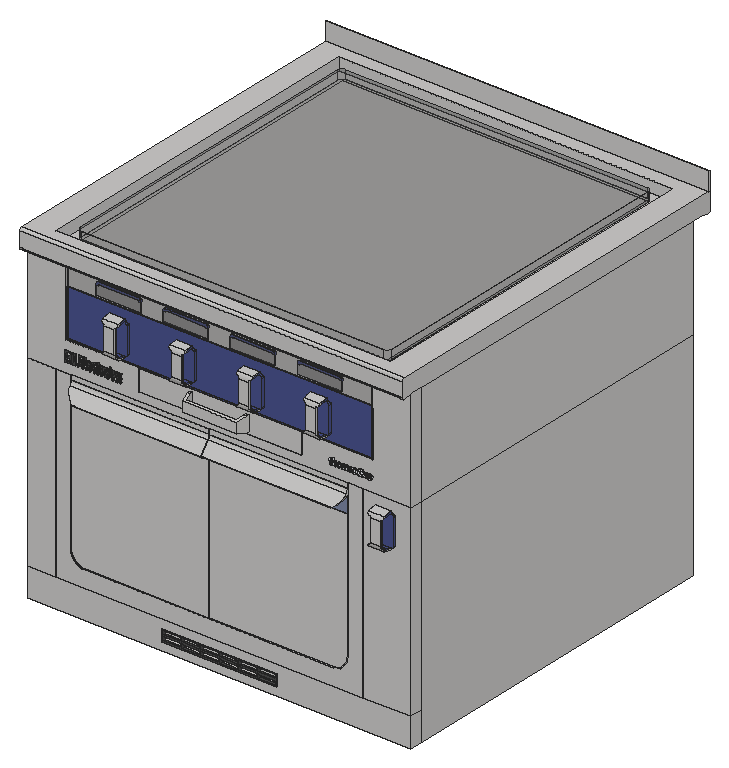
Revit family "QF_ELECTROLUXPROFESSIONAL_588470_MATHEBH4AO", category Attrezzature speciali, Revit 2020
Family settings
  Quota connettore circolare = Usa diametro
  Tipo di parte = Normale
  Basato su piano di lavoro = No
  Sempre verticale = Sì
  Taglio con vuoti quando caricato = No
  Condiviso = No
  Punto di calcolo locali = No
Parameters (values of type "Standard")
  Weight = 143.00 kg
  Watts = 14300 W
  Volts = 400 V
  URL Manufacturer = "https://www.electroluxprofessional.com/"
  URL = "https://www.electroluxprofessional.com/"
  Steam Supply Size = 0"
  Steam Supply Minimum Pressure = 0.00 psi
  Steam Supply Maximum Pressure = 0.00 psi
  Steam Consumption per Hour = 0
  Refrigeration Suction Line Size = 0 mm
  Refrigeration Liquid Line Size = 0 mm
  Refrigerant Compressor Remote = yes
  Prospetto di default = 0 mm
  Phase = 3
  Modello = "MATHEBH4AO"
  Produttore = "Electrolux Professional"
  Length Actual = 800 mm  # constant formula
  Item Number = "588470"
  Hot Water Size = 0"
  Height Actual = 700 mm  # constant formula
  HP = "19.2 HP"
  Gas Size = 0"
  Gas KW = 0
  Gas Input Pressure = 0.0 Btu/h
  Direct Waste Size = 0"
  Descrizione = "EL.FREE COOK.WARM.CAB.1S,BS,800X800X700H"
  Depth Actual = 800 mm  # constant formula
  Cycle = 50 Hz
  Condensate Return Size = 0"
  Compressed Air Volume = 0 GPM
  Compressed Air Size = 0"
  Compressed Air Pressure = 0.00 psi
  Cold Water Size = 0"
  Accessory = yes
Reference planes
  plane 1 "BACK": y = 0
  plane 2: z = 0
  plane 3 "LEFT": x = 0
  plane 4 "RIGHT": x = 800
  plane 5 "FRONT": y = -800
  plane 6 "TOP": z = 900
  plane 7 "Center (Left/Right)": x = 400
  plane 8: y = -400
  plane 9: z = 200
  plane 10: y = -150
  plane 11 "Panel": y = -755
  plane 12: z = 798
  plane 13: z = 1327
  plane 14: x = 78
  plane 15: x = 722
  plane 16: y = -150
  plane 17: y = -650
  plane 18 "EIx": x = 755
  plane 19 "EIy": y = -585
  plane 20: x = 380
  plane 21 "BASE_TOP": z = 650
  plane 22: x = 60
  plane 23: x = 700
  plane 24: z = 260
  plane 25: z = 938
Forms (mm)
  Extrusion 1, solid, material "QF_Finishes_Stainless Steel"
    sketch origin (-178.969, -4571, 200) x (-1, 0, 0) y (0, -1, 0)
      loop
        line (-178.969, -4526) -> (-178.969, -3816) -> (-978.969, -3816) -> (-978.969, -4526) -> (-178.969, -4526)
    from 450 to 663
  Extrusion 2, solid, material "QF_Finishes_Stainless Steel"
    sketch origin (0, 0, 0) x (0, 1, 0) y (0, 0, 1)
      loop
        line (-755, 200) -> (-755, 260) -> (-780, 260) -> (-780, 200) -> (-755, 200)
    from 0 to 800
  Extrusion 3, solid, material "QF_Finishes_Stainless Steel"
    sketch origin (-588.969, -4562, 200) x (-1, 0, 0) y (0, -1, 0)
      loop
        circle (-1343.969, -3977) r 6.35
    from 0 to -11.851
  Extrusion 4, solid, material "QF_Finishes_Stainless Steel"
    sketch origin (400, 296.4, 1219.2) x (0, 1, 0) y (0, 0, 1)
      loop
        line (-296.4, -319.2) -> (-1091.4, -319.2)
        arc (-1091.4, -319.2) -> (-1094.935, -320.664) -> (-1096.4, -324.2) r 5
        line (-1096.4, -324.2) -> (-1096.4, -355.2)
        arc (-1096.4, -355.2) -> (-1094.971, -358.264) -> (-1091.705, -359.139) r 4
        line (-1091.705, -359.139) -> (-1076.4, -356.231) -> (-316.4, -356.231) -> (-301.094, -359.139)
        arc (-301.094, -359.139) -> (-297.829, -358.264) -> (-296.4, -355.2) r 4
        line (-296.4, -355.2) -> (-296.4, -319.2)
    from -400 to 400
  Extrusion 5, solid, material "QF_Finishes_Electrolux_Black Smoke Iluminated"
    sketch origin (0, 0, 900) x (-1, 0, 0) y (0, -1, 0)
      loop
        arc (-85, 55) -> (-77.929, 57.929) -> (-75, 65) r 10
        line (-75, 65) -> (-75, 735)
        arc (-75, 735) -> (-77.929, 742.071) -> (-85, 745) r 10
        line (-85, 745) -> (-715, 745)
        arc (-715, 745) -> (-722.071, 742.071) -> (-725, 735) r 10
        line (-725, 735) -> (-725, 65)
        arc (-725, 65) -> (-722.071, 57.929) -> (-715, 55) r 10
        line (-715, 55) -> (-85, 55)
    from 0 to -20
  Extrusion 6, solid, material "QF_Finishes_Stainless Steel"
    sketch origin (-178.969, -4571, 200) x (-1, 0, 0) y (0, -1, 0)
      loop
        line (-178.969, -4526) -> (-178.969, -3816) -> (-978.969, -3816) -> (-978.969, -4526) -> (-178.969, -4526)
    from 450 to 0
  Extrusion 7, void
    sketch origin (0, -755, 0) x (-1, 0, 0) y (0, 0, 1)
      loop
        line (-520, 216.594) -> (-280, 216.594) -> (-280, 241.594) -> (-520, 241.594) -> (-520, 216.594)
    from 0 to -25
  Extrusion 8, solid, material "QF_Finishes_Black"
    sketch origin (0, -755, 0) x (-1, 0, 0) y (0, 0, 1)
      loop
        line (-280, 241.594) -> (-520, 241.594) -> (-520, 216.594) -> (-280, 216.594) -> (-280, 241.594)
      loop
        line (-282, 239.594) -> (-319.131, 239.594) -> (-319.131, 230.094) -> (-282, 230.094) -> (-282, 239.594)
      loop
        line (-282, 218.594) -> (-282, 228.094) -> (-319.131, 228.094) -> (-319.131, 218.594) -> (-282, 218.594)
      loop
        line (-321.131, 239.594) -> (-359.066, 239.594) -> (-359.066, 230.094) -> (-321.131, 230.094) -> (-321.131, 239.594)
      loop
        line (-399, 239.594) -> (-399, 230.094) -> (-361.066, 230.094) -> (-361.066, 239.594) -> (-399, 239.594)
      loop
        line (-401, 239.594) -> (-438.934, 239.594) -> (-438.934, 230.094) -> (-401, 230.094) -> (-401, 239.594)
      loop
        line (-359.066, 218.594) -> (-321.131, 218.594) -> (-321.131, 228.094) -> (-359.066, 228.094) -> (-359.066, 218.594)
      loop
        line (-361.066, 218.594) -> (-361.066, 228.094) -> (-399, 228.094) -> (-399, 218.594) -> (-361.066, 218.594)
      loop
        line (-401, 228.094) -> (-438.934, 228.094) -> (-438.934, 218.594) -> (-401, 218.594) -> (-401, 228.094)
      loop
        line (-518, 239.594) -> (-518, 230.094) -> (-480.869, 230.094) -> (-480.869, 239.594) -> (-518, 239.594)
      loop
        line (-518, 218.594) -> (-480.869, 218.594) -> (-480.869, 228.094) -> (-518, 228.094) -> (-518, 218.594)
      loop
        line (-478.869, 239.594) -> (-478.869, 230.094) -> (-440.934, 230.094) -> (-440.934, 239.594) -> (-478.869, 239.594)
      loop
        line (-440.934, 218.594) -> (-440.934, 228.094) -> (-478.869, 228.094) -> (-478.869, 218.594) -> (-440.934, 218.594)
    from -25.03 to -20
  Extrusion 9, void
    sketch origin (0, 0, 900) x (-1, 0, 0) y (0, -1, 0)
      loop
        line (-50, 770) -> (-750, 770) -> (-750, 30) -> (-50, 30) -> (-50, 770)
    from 0 to -25
  Extrusion 10, solid, material "QF_Finishes_Stainless Steel"
    sketch origin (0, 0, 900) x (-1, 0, 0) y (0, -1, 0)
      loop
        line (-82, 61) -> (-82, 738) -> (-718, 738) -> (-718, 61) -> (-82, 61)
    from -20 to -25
  Extrusion 11, solid, material "QF_Finishes_Stainless Steel"
    sketch origin (0, -755, 0) x (-1, 0, 0) y (0, 0, 1)
      loop
        line (0, 260) -> (0, 650) -> (-60, 650) -> (-60, 260) -> (0, 260)
    from 0 to -25.03
  Extrusion 12, solid, material "QF_Finishes_Stainless Steel"
    sketch origin (0, -755, 0) x (-1, 0, 0) y (0, 0, 1)
      loop
        line (-700, 260) -> (-700, 650) -> (-800, 650) -> (-800, 260) -> (-700, 260)
    from 0 to -25.03
  Extrusion 13, solid, material "QF_Finishes_Stainless Steel"
    sketch origin (70, -755, 0) x (-1, 0, 0) y (0, 0, 1)
      loop
        line (10, 260) -> (10, 650) -> (-20, 650) -> (-20, 325)
        arc (-20, 325) -> (-28.787, 303.787) -> (-50, 295) r 30
        line (-50, 295) -> (-570, 295)
        arc (-570, 295) -> (-591.213, 303.787) -> (-600, 325) r 30
        line (-600, 325) -> (-600, 650) -> (-630, 650) -> (-630, 260) -> (10, 260)
    from 0 to -25.03
  Extrusion 14, solid, material "QF_Finishes_Stainless Steel"
    sketch origin (400, 296.4, 1219.2) x (0, 1, 0) y (0, 0, 1)
      loop
        line (-296.4, -319.2) -> (-296.4, -281.2) -> (-298.4, -281.2) -> (-298.4, -319.2) -> (-296.4, -319.2)
    from -400 to 400
Cuts and joins
  Extrusion 7 cuts Extrusion 6
  Extrusion 7 cuts Extrusion 2
  Extrusion 9 cuts Extrusion 4
Lines and regions (mm)
  symbolic lines
    curve 1: line (0, 0, 200) -> (800, 0, 200)
    curve 2: line (0, -800, 200) -> (0, 0, 200)
    curve 3: line (800, -800, 200) -> (0, -800, 200)
    curve 4: line (800, 0, 200) -> (800, -800, 200)
    curve 5: line (715, -55, 200) -> (88, -55, 200)
    curve 6: line (85, -745, 200) -> (715, -745, 200)
    curve 7: line (725, -735, 200) -> (725, -65, 200)
    curve 8: arc (725, -65, 200) -> (722.071, -57.929, 200) -> (715, -55, 200) r 10
    curve 9: arc (715, -745, 200) -> (722.071, -742.071, 200) -> (725, -735, 200) r 10
    curve 10: line (750, -30, 900) -> (50, -30, 900)
    curve 11: line (50, -30, 900) -> (50, -770, 900)
    curve 12: line (750, -770, 900) -> (750, -30, 900)
    curve 13: line (50, -770, 900) -> (750, -770, 900)
    curve 15: arc (85, -55, 900) -> (77.929, -57.929, 900) -> (75, -65, 900) r 10
    curve 16: arc (75, -735, 900) -> (77.929, -742.071, 900) -> (85, -745, 900) r 10
    curve 17: line (0, -2, 900) -> (800, -2, 900)
  model lines, style "SpecialityEquipment"
    curve 14: line (75, -65, 900) -> (75, -735, 900)
Dimensions and locks
  plane 3 "LEFT" to plane 4 "RIGHT" = 800 mm
  plane 5 "FRONT" to plane 1 "BACK" = 800 mm
  equal spacing: plane 3 "LEFT", plane 7 "Center (Left/Right)", plane 4 "RIGHT"
  equal spacing: plane 5 "FRONT", plane 8, plane 1 "BACK"
  plane 9 to level = 200 mm
  plane 1 "BACK" to plane 10 to plane 11 "Panel" = 150 mm, 605 mm  (x2)
  plane 6 "TOP" to plane 9 to level = 700 mm, 200 mm
  plane 6 "TOP" to level = 900 mm
  plane 1 "BACK" to plane 5 "FRONT" = 800 mm
  plane 1 "BACK" to Extrusion 3 = 585 mm
  plane 12 to plane 9 = 598 mm
  plane 13 to plane 6 "TOP" = 427 mm
  plane 6 "TOP" to plane 12 = 102 mm
  plane 14 to plane 3 "LEFT" = 78 mm
  plane 15 to plane 4 "RIGHT" = 78 mm
  locked: plane 1 "BACK" to plane 16 at 150
  locked: plane 16 to plane 17 at 500
  plane 11 "Panel" to plane 5 "FRONT" = 45 mm
  plane 18 "EIx" to plane 4 "RIGHT" = 45 mm
  plane 19 "EIy" to plane 1 "BACK" = 585 mm
  plane 7 "Center (Left/Right)" to plane 20 = 20 mm
  locked: plane 22 to plane 3 "LEFT" at 60
  plane 23 to plane 4 "RIGHT" = 100 mm
  plane 6 "TOP" to plane 21 "BASE_TOP" to plane 9 to level = 250 mm, 450 mm, 200 mm
  plane 25 to plane 6 "TOP" = 38 mm
  aligned and locked: level to plane 2
  aligned and locked: Extrusion 2 to plane 4 "RIGHT"
  aligned and locked: Extrusion 12 to plane 4 "RIGHT"
  aligned and locked: Extrusion 12 to plane 23
  aligned and locked: plane 21 "BASE_TOP" to Extrusion 12
  aligned and locked: Extrusion 12 to plane 24
  aligned and locked: Extrusion 11 to plane 3 "LEFT"
  aligned and locked: plane 22 to Extrusion 11
  aligned and locked: Extrusion 11 to plane 24
  aligned and locked: Extrusion 13 sketch curve to plane 22
  aligned and locked: Extrusion 13 sketch curve to plane 23
  aligned and locked: Extrusion 13 sketch curve to plane 21 "BASE_TOP"
  aligned and locked: plane 24 to cut or joined group of Extrusion 2, Extrusion 7
  aligned and locked: Extrusion 14 to plane 3 "LEFT"
  aligned and locked: Extrusion 14 to plane 4 "RIGHT"
Automatic sketch dimensions
  Extrusion 1 sketch curve to plane 4 "RIGHT" = 0 mm
  Extrusion 1 sketch curve to plane 3 "LEFT" = 0 mm
  plane 11 "Panel" to Extrusion 1 sketch curve = 0 mm
  plane 1 "BACK" to Extrusion 1 sketch curve = 45 mm
  Extrusion 2 sketch curve to plane 9 = 0 mm
  Extrusion 2 sketch curve to plane 11 "Panel" = 0 mm
  plane 24 to Extrusion 2 sketch curve = 0 mm
  Extrusion 2 sketch curve to plane 5 "FRONT" = 20 mm
  Extrusion 3 sketch curve to plane 18 "EIx" = 0 mm
  Extrusion 3 sketch curve to plane 19 "EIy" = 0 mm
  Extrusion 4 sketch curve to plane 5 "FRONT" = 0 mm
  Extrusion 4 sketch curve to plane 6 "TOP" = 0 mm
  Extrusion 4 sketch curve to plane 1 "BACK" = 0 mm
  Extrusion 4 sketch curve to plane 5 "FRONT" = 4 mm
  Extrusion 4 sketch curve to Extrusion 4 sketch curve = 0.695 mm
  Extrusion 4 sketch curve to plane 5 "FRONT" = 5 mm
  Extrusion 4 sketch curve to Extrusion 4 sketch curve = 15.305 mm
  plane 1 "BACK" to Extrusion 4 sketch curve = 20 mm
  plane 1 "BACK" to Extrusion 4 sketch curve = 4.695 mm
  Extrusion 4 sketch curve to Extrusion 4 sketch curve = 4 mm
  Extrusion 4 sketch curve to Extrusion 4 sketch curve = 31 mm
  Extrusion 4 sketch curve to plane 6 "TOP" = 36 mm
  Extrusion 4 sketch curve to Extrusion 4 sketch curve = 2.909 mm
  Extrusion 5 sketch curve to plane 15 = 3 mm
  plane 14 to Extrusion 5 sketch curve = 3 mm
  plane 15 to Extrusion 5 sketch curve = 7 mm  (x2)
  Extrusion 5 sketch curve to Extrusion 5 sketch curve = 10 mm  (x2)
  plane 10 to Extrusion 5 sketch curve = 95 mm
  plane 17 to Extrusion 5 sketch curve = 85 mm
  Extrusion 6 sketch curve to plane 4 "RIGHT" = 0 mm
  Extrusion 6 sketch curve to plane 3 "LEFT" = 0 mm
  plane 11 "Panel" to Extrusion 6 sketch curve = 0 mm
  plane 1 "BACK" to Extrusion 6 sketch curve = 45 mm
  plane 9 to Extrusion 7 sketch curve = 41.594 mm
  plane 7 "Center (Left/Right)" to Extrusion 7 sketch curve = 120 mm
  Extrusion 7 sketch curve to plane 20 = 100 mm
  plane 9 to Extrusion 7 sketch curve = 16.594 mm
  plane 9 to Extrusion 8 sketch curve = 41.594 mm
  plane 7 "Center (Left/Right)" to Extrusion 8 sketch curve = 120 mm
  Extrusion 8 sketch curve to Extrusion 8 sketch curve = 2 mm  (x16)
  Extrusion 8 sketch curve to Extrusion 8 sketch curve = 0 mm  (x15)
  Extrusion 8 sketch curve to Extrusion 8 sketch curve = 37.131 mm  (x2)
  Extrusion 8 sketch curve to Extrusion 8 sketch curve = 37.934 mm  (x2)
  plane 7 "Center (Left/Right)" to Extrusion 8 sketch curve = 1 mm  (x2)
  Extrusion 8 sketch curve to plane 7 "Center (Left/Right)" = 1 mm  (x2)
  Extrusion 8 sketch curve to plane 20 = 18.934 mm
  plane 9 to Extrusion 8 sketch curve = 18.594 mm  (x4)
  Extrusion 8 sketch curve to Extrusion 8 sketch curve = 9.5 mm  (x6)
  plane 18 "EIx" to Extrusion 9 sketch curve = 5 mm
  Extrusion 9 sketch curve to plane 22 = 10 mm
  plane 10 to Extrusion 9 sketch curve = 120 mm
  Extrusion 9 sketch curve to plane 11 "Panel" = 15 mm
  plane 15 to Extrusion 10 sketch curve = 4 mm
  Extrusion 10 sketch curve to plane 14 = 4 mm
  plane 10 to Extrusion 10 sketch curve = 89 mm
  plane 17 to Extrusion 10 sketch curve = 88 mm
  Extrusion 11 sketch curve to plane 22 = 0 mm
  Extrusion 11 sketch curve to plane 3 "LEFT" = 0 mm
  Extrusion 11 sketch curve to plane 24 = 0 mm
  Extrusion 11 sketch curve to plane 21 "BASE_TOP" = 0 mm
  plane 4 "RIGHT" to Extrusion 12 sketch curve = 0 mm
  Extrusion 12 sketch curve to plane 21 "BASE_TOP" = 0 mm
  Extrusion 12 sketch curve to plane 23 = 0 mm
  Extrusion 12 sketch curve to plane 24 = 0 mm
  Extrusion 13 sketch curve to plane 21 "BASE_TOP" = 0 mm
  Extrusion 13 sketch curve to plane 24 = 0 mm
  Extrusion 13 sketch curve to plane 23 = 30 mm
  Extrusion 13 sketch curve to Extrusion 13 sketch curve = 30 mm
  Extrusion 13 sketch curve to plane 14 = 42 mm
  Extrusion 13 sketch curve to plane 14 = 12 mm
  plane 24 to Extrusion 13 sketch curve = 35 mm
  plane 1 "BACK" to curve 1 = 0 mm
  curve 1 to plane 4 "RIGHT" = 0 mm
  curve 2 to plane 3 "LEFT" = 0 mm
  plane 5 "FRONT" to curve 2 = 0 mm
  curve 7 to plane 15 = 3 mm
  plane 15 to curve 8 = 7 mm
  plane 15 to curve 6 = 7 mm
  plane 1 "BACK" to curve 5 = 55 mm
  plane 11 "Panel" to curve 9 = 20 mm
  curve 5 to plane 14 = 10 mm
  curve 6 to plane 14 = 7 mm
  plane 18 "EIx" to curve 13 = 5 mm
  curve 15 to plane 14 = 7 mm
  curve 16 to plane 14 = 7 mm
  plane 14 to curve 14 = 3 mm
  curve 11 to plane 22 = 10 mm
  plane 1 "BACK" to curve 14 = 65 mm
  plane 1 "BACK" to curve 10 = 30 mm
  plane 11 "Panel" to curve 14 = 20 mm
  curve 12 to plane 11 "Panel" = 15 mm
  Extrusion 14 sketch curve to plane 6 "TOP" = 0 mm
  Extrusion 14 sketch curve to plane 25 = 0 mm
  Extrusion 14 sketch curve to plane 1 "BACK" = 0 mm
  Extrusion 14 sketch curve to Extrusion 14 sketch curve = 2 mm
  curve 17 to plane 4 "RIGHT" = 0 mm
  curve 17 to plane 3 "LEFT" = 0 mm
  plane 1 "BACK" to curve 17 = 2 mm
  radius of Extrusion 3 sketch curve = 6.35 mm
Nested families
  nested 1: "FIT Range Control Handle" at (745, -783.167, -372.751), type "FIT Range Control Handle"
  nested 2: "Front_Panel_W800_Four Knobs" at (202.376, -755, 0), type "Front_Panel_W800_Four Knobs"
  nested 3: "H450H2_2DOOR" at (343.958, -755, 200) x (1, 0, 0) z (0, -1, 0), type "H450H2_2DOOR"
    with Width 580 mm, Wdoor 290 mm, Show Clearance yes
  nested 4: "Warm" at (800, -800, 900), type "Warm"
Connectors
  electrical at (755, -585, 188.149)
    settings: on Extrusion 3, index 1, voltage 400 V, apparent load 33000 VA, apparent load phase1 0 VA, apparent load phase2 0 VA, apparent load phase3 0 VA, power factor 1, load classification "Other", number of poles 1, system type 30, power factor state 1, is connector primary yes, connector utility no, sub classification motor no, connector description "ELECTRICAL CONNECTION"
Definition of nested family "FIT Range Control Handle"
  Parameters
    Default Elevation = 0 mm
  Reference planes
    plane 1 "Center (Front/Back)": y = 0
    plane 2: z = 0
    plane 3 "Center (Left/Right)": x = 0
    plane 4: z = 971.092
    plane 5: y = -16.8
  Forms (mm)
    Extrusion 1, solid
      sketch origin (-746.28, 380.497, 208.931) x (-1, 0, 0) y (0, 0, 1)
        loop
          line (-770.101, 786.798) -> (-770.101, 731.649)
          arc (-770.101, 731.649) -> (-769.759, 730.563) -> (-768.855, 729.87) r 1.893
          line (-768.855, 729.87) -> (-763.474, 727.911) -> (-729.81, 727.911) -> (-724.428, 729.87)
          arc (-724.428, 729.87) -> (-723.525, 730.563) -> (-723.183, 731.649) r 1.893
          line (-723.183, 731.649) -> (-723.183, 786.798)
          arc (-723.183, 786.798) -> (-723.529, 787.894) -> (-724.44, 788.593) r 1.91
          line (-724.44, 788.593) -> (-729.683, 790.819) -> (-763.601, 790.819) -> (-768.844, 788.593)
          arc (-768.844, 788.593) -> (-769.755, 787.894) -> (-770.101, 786.798) r 1.91
      from -382.35 to -378.852
    Sweep 2, solid
      path origin (-746.788, 380.496, 208.091) x (0, -1, 0) y (0, 0, 1)
        loop
          line (379.775, 793.281) -> (395.661, 791.048)
          arc (395.661, 791.048) -> (397.781, 787.377) -> (398.517, 783.202) r 12.207
          line (398.517, 783.202) -> (398.517, 737.368)
          arc (398.517, 737.368) -> (397.781, 733.193) -> (395.661, 729.522) r 12.207
          line (395.661, 729.522) -> (379.775, 727.289)
      profile origin (-746.788, -7.222, 1000.256) x (0, -0.139173, 0.990268) y (-1, 0, 0)
        loop
          line (0.782, -763.123) -> (0.782, -730.907) -> (-1.322, -730.907) -> (-1.322, -763.123) -> (0.782, -763.123)
    Sweep 3, solid
      path origin (-746.788, 380.715, 207.832) x (0, -1, 0) y (0, 0, 1)
        loop
          line (380.478, 795.442) -> (397.218, 793.09)
          arc (397.218, 793.09) -> (399.929, 788.473) -> (400.871, 783.202) r 15.207
          line (400.871, 783.202) -> (400.871, 737.584)
          arc (400.871, 737.584) -> (399.914, 732.274) -> (397.164, 727.633) r 15.207
          line (397.164, 727.633) -> (380.601, 725.305)
      profile origin (-746.788, -8.132, 1002.099) x (0, -0.139173, 0.990268) y (-1, 0, 0)
        loop
          line (0.782, -763.123) -> (0.782, -730.907) -> (-1.322, -730.907) -> (-1.322, -763.123) -> (0.782, -763.123)
    Extrusion 4, void
      sketch origin (889.253, 220.666, 207.993) x (1, 0, 0) y (0, 0, 1)
        loop
          line (-943.038, 816.854) -> (-943.038, 703.686) -> (-899.466, 734.196) -> (-899.466, 786.344) -> (-943.038, 816.854)
      from 230.636 to 242.25
    Extrusion 5, void
      sketch origin (-888.8, 220.666, 207.993) x (-1, 0, 0) y (0, 0, -1)
        loop
          line (-943.038, -816.854) -> (-899.466, -786.344) -> (-899.466, -734.196) -> (-943.038, -703.686) -> (-943.038, -816.854)
      from 230.636 to 242.25
    Extrusion 6, solid
      sketch origin (0, 0, 0) x (1, 0, 0) y (0, 0, 1)
        loop
          circle (0, 971.092) r 7.736
      from -3.137 to -1.645
  Cuts and joins
    Extrusion 4, Extrusion 5 cuts Sweep 3
    Extrusion 4, Extrusion 5 cuts Sweep 2
    joined: Extrusion 1, Extrusion 6
  Lines and regions (mm)
    symbolic lines
      curve 1: line (-15.881, -19.189, 0) -> (-15.881, -16.8, 0)
      curve 2: line (16.334, -19.189, 0) -> (16.334, -16.8, 0)
      curve 3: spline (-15.881, -19.189, 0) -> (-15.417, -19.349, 0) -> (-14.951, -19.501, 0) -> (-14.483, -19.646, 0) -> (-14.014, -19.783, 0) -> (-13.543, -19.912, 0) -> (-13.071, -20.033, 0) -> (-12.597, -20.146, 0) -> (-12.122, -20.251, 0) -> (-11.646, -20.349, 0) -> (-11.169, -20.438, 0) -> (-10.691, -20.52, 0) -> (-10.213, -20.593, 0)
      curve 4: spline (10.666, -20.593, 0) -> (11.144, -20.52, 0) -> (11.622, -20.438, 0) -> (12.099, -20.349, 0) -> (12.575, -20.251, 0) -> (13.05, -20.146, 0) -> (13.524, -20.033, 0) -> (13.996, -19.912, 0) -> (14.467, -19.783, 0) -> (14.936, -19.646, 0) -> (15.404, -19.501, 0) -> (15.87, -19.349, 0) -> (16.334, -19.189, 0)
      curve 5: line (-10.213, -20.938, 0) -> (10.716, -20.938, 0)
  Dimensions and locks
    cut or joined group of Sweep 3, Extrusion 4, Extrusion 5 to cut or joined group of Sweep 3, Extrusion 4, Extrusion 5 = 71.686 mm
Definition of nested family "Front_Panel_W800_Four Knobs"
  Parameters
    Default Elevation = 0 mm
  Reference planes
    plane 1 "Center (Front/Back)": y = 0
    plane 2: z = 0
    plane 3 "Center (Left/Right)": x = 197.624
    plane 4 "Left": x = -202.376
    plane 5 "Right": x = 597.624
    plane 6: y = -45
    plane 7: x = -12.376
    plane 8: x = 127.624
    plane 9: y = -310
    plane 10: y = -25
    plane 11: x = 517.624
    plane 12: x = -122.376
  Forms (mm)
    Extrusion 1, solid
      sketch origin (833.217, 829.203, -1.25) x (0, 1, 0) y (0, 0, 1)
        loop
          line (-854.203, 651.25) -> (-829.203, 651.25) -> (-829.203, 864.25) -> (-854.203, 864.25) -> (-854.203, 651.25)
      from -1035.593 to -235.593
    Extrusion 2, void
      sketch origin (0, 0, 0) x (1, 0, 0) y (0, 0, 1)
        loop
          line (-122.376, 853.866) -> (-122.376, 711.866) -> (517.624, 711.866) -> (517.624, 853.866) -> (-122.376, 853.866)
      from 19.387 to 33.951
    Extrusion 3, void
      sketch origin (0, 0, 0) x (1, 0, 0) y (0, 0, 1)
        loop
          line (30.124, 711.866) -> (30.124, 666.866) -> (370.124, 666.866) -> (370.124, 711.866) -> (30.124, 711.866)
      from 19.387 to 25
    Extrusion 4, solid
      sketch origin (0, 0, 0) x (1, 0, 0) y (0, 0, 1)
        loop
          line (31.124, 710.866) -> (31.124, 667.866) -> (369.124, 667.866) -> (369.124, 710.866) -> (31.124, 710.866)
      from 19.387 to 25
    Extrusion 5, solid
      sketch origin (0, 0, 0) x (1, 0, 0) y (0, 1, 0)
        loop
          line (141.059, -25) -> (135.966, -25) -> (140.646, -49.075) -> (254.603, -49.075) -> (259.283, -25) -> (254.189, -25) -> (250.481, -44.075) -> (144.767, -44.075) -> (141.059, -25)
      from 672.593 to 705.67
    Extrusion 6, void
      sketch origin (197.624, 0, 0) x (0, 1, 0) y (0, 0, 1)
        loop
          line (-30, 705.67) -> (-30, 710.67) -> (-56.744, 710.67) -> (-56.744, 667.593) -> (-30, 667.593) -> (-30, 672.593) -> (-53.776, 680.318) -> (-53.776, 697.945) -> (-30, 705.67)
      from -70 to 70
    Extrusion 7, solid, detail levels coarse
      sketch origin (0, -265, 0) x (1, 0, 0) y (0, 1, 0)
        loop
          line (140.646, -69.075) -> (254.603, -69.075) -> (259.283, -45) -> (364.124, -45) -> (364.124, 240) -> (31.124, 240) -> (31.124, -45) -> (135.966, -45) -> (140.646, -69.075)
      from 672.593 to 705.67
    Extrusion 8, void
      sketch origin (197.624, -280, 0) x (0, 1, 0) y (0, 0, 1)
        loop
          line (-30, 705.67) -> (-30, 710.67) -> (-56.744, 710.67) -> (-56.744, 667.593) -> (-30, 667.593) -> (-30, 672.593) -> (-53.776, 680.318) -> (-53.776, 697.945) -> (-30, 705.67)
      from -70 to 70
  Cuts and joins
    Extrusion 2, Extrusion 3 cuts Extrusion 1
    Extrusion 6, Extrusion 8 cuts Extrusion 5
    Extrusion 8 cuts Extrusion 7
  Lines and regions (mm)
    symbolic lines
      curve 1: line (31.124, -45, 0) -> (31.124, -310, 0)
      curve 2: line (31.124, -310, 0) -> (364.124, -310, 0)
      curve 3: line (135.966, -310, 0) -> (140.646, -334.075, 0)
      curve 4: line (140.646, -334.075, 0) -> (254.603, -334.075, 0)
      curve 5: line (254.603, -334.075, 0) -> (259.283, -310, 0)
      curve 6: line (364.124, -310, 0) -> (364.124, -45, 0)
      curve 7: line (31.124, -300, 0) -> (364.124, -300, 0)
      curve 8: line (140.874, -309.046, 0) -> (144.767, -329.075, 0)
      curve 9: line (144.767, -329.075, 0) -> (250.481, -329.075, 0)
      curve 10: line (250.481, -329.075, 0) -> (254.375, -309.046, 0)
  Dimensions and locks
    equal spacing: plane 5 "Right", plane 3 "Center (Left/Right)", plane 4 "Left"
    plane 5 "Right" to plane 4 "Left" = 800 mm
    plane 3 "Center (Left/Right)" to plane 7 = 210 mm
    plane 3 "Center (Left/Right)" to plane 8 = 70 mm
    plane 6 to plane 9 = 265 mm
    aligned and locked: cut or joined group of Extrusion 1, Extrusion 2, Extrusion 3 to plane 4 "Left"
    aligned and locked: plane 5 "Right" to cut or joined group of Extrusion 1, Extrusion 2, Extrusion 3
    aligned and locked: plane 3 "Center (Left/Right)" to nested 2
    aligned and locked: cut or joined group of Extrusion 1, Extrusion 2, Extrusion 3 to nested 2
  Automatic sketch dimensions
    plane 7 to Extrusion 3 sketch curve = 42.5 mm
    plane 3 "Center (Left/Right)" to Extrusion 3 sketch curve = 172.5 mm
    level to Extrusion 3 sketch curve = 666.866 mm
    Extrusion 3 sketch curve to Extrusion 3 sketch curve = 45 mm
    plane 7 to Extrusion 4 sketch curve = 43.5 mm
    plane 3 "Center (Left/Right)" to Extrusion 4 sketch curve = 171.5 mm
    level to Extrusion 4 sketch curve = 667.866 mm
    Extrusion 4 sketch curve to Extrusion 4 sketch curve = 43 mm
    plane 8 to Extrusion 5 sketch curve = 8.342 mm
    plane 6 to Extrusion 5 sketch curve = 4.075 mm
    plane 8 to Extrusion 5 sketch curve = 13.021 mm
    Extrusion 5 sketch curve to Extrusion 5 sketch curve = 5.094 mm  (x2)
    Extrusion 5 sketch curve to plane 6 = 0.925 mm
    Extrusion 5 sketch curve to Extrusion 5 sketch curve = 4.122 mm  (x2)
    plane 3 "Center (Left/Right)" to Extrusion 5 sketch curve = 52.857 mm
    Extrusion 5 sketch curve to plane 6 = 20 mm  (x2)
    Extrusion 5 sketch curve to Extrusion 5 sketch curve = 3.708 mm
    plane 6 to Extrusion 6 sketch curve = 11.744 mm
    plane 6 to Extrusion 6 sketch curve = 8.776 mm
    Extrusion 6 sketch curve to plane 6 = 15 mm  (x2)
    level to Extrusion 6 sketch curve = 667.593 mm
    Extrusion 6 sketch curve to Extrusion 6 sketch curve = 5 mm
    Extrusion 6 sketch curve to Extrusion 6 sketch curve = 12.725 mm  (x2)
    Extrusion 6 sketch curve to Extrusion 6 sketch curve = 17.627 mm
    Extrusion 6 sketch curve to Extrusion 6 sketch curve = 7.725 mm
    Extrusion 8 sketch curve to plane 9 = 26.744 mm
    Extrusion 8 sketch curve to plane 9 = 23.776 mm
    plane 9 to Extrusion 8 sketch curve = 0 mm  (x2)
    level to Extrusion 8 sketch curve = 667.593 mm
    Extrusion 8 sketch curve to Extrusion 8 sketch curve = 5 mm
    Extrusion 8 sketch curve to Extrusion 8 sketch curve = 12.725 mm  (x2)
    Extrusion 8 sketch curve to Extrusion 8 sketch curve = 17.627 mm
    Extrusion 8 sketch curve to Extrusion 8 sketch curve = 7.725 mm
    plane 9 to Extrusion 7 sketch curve = 0 mm  (x2)
    plane 7 to Extrusion 7 sketch curve = 43.5 mm
    plane 8 to Extrusion 7 sketch curve = 8.342 mm
    Extrusion 7 sketch curve to plane 9 = 24.075 mm
    plane 8 to Extrusion 7 sketch curve = 13.021 mm
    Extrusion 7 sketch curve to Extrusion 7 sketch curve = 104.842 mm
    Extrusion 7 sketch curve to plane 6 = 20 mm
    plane 3 "Center (Left/Right)" to Extrusion 7 sketch curve = 56.979 mm
    Extrusion 7 sketch curve to Extrusion 7 sketch curve = 4.68 mm
    Extrusion 1 sketch curve to plane 1 "Center (Front/Back)" = 0 mm
    level to Extrusion 1 sketch curve = 650 mm
    plane 4 "Left" to Extrusion 2 sketch curve = 80 mm
    Extrusion 2 sketch curve to plane 5 "Right" = 80 mm
    level to Extrusion 2 sketch curve = 711.866 mm
    Extrusion 2 sketch curve to Extrusion 2 sketch curve = 142 mm
    plane 6 to curve 1 = 0 mm
    plane 6 to curve 6 = 0 mm
    plane 9 to curve 1 = 0 mm
    plane 7 to curve 1 = 43.5 mm
    curve 4 to plane 9 = 24.075 mm
    plane 8 to curve 4 = 13.021 mm
    curve 3 to curve 8 = 4.122 mm
    plane 3 "Center (Left/Right)" to curve 4 = 56.979 mm
    curve 4 to curve 2 = 109.521 mm
    plane 8 to curve 3 = 8.342 mm
    curve 3 to curve 8 = 4.908 mm
    curve 9 to curve 4 = 4.122 mm
    curve 10 to plane 9 = 19.075 mm
    curve 9 to curve 5 = 8.801 mm
    plane 9 to curve 10 = 0.954 mm
    curve 10 to curve 5 = 4.908 mm
    curve 3 to curve 8 = 0.954 mm
    curve 1 to curve 7 = 10 mm
    Extrusion 1 sketch curve to plane 6 = 20 mm
    Extrusion 1 sketch curve to Extrusion 1 sketch curve = 213 mm
  Nested families
    nested 1: "Range Control Handle" at (-12.376, -28.137, -209.113) x (-1, 0, 0) z (0, 0, 1), type "Range Control Handle"
    nested 2: "Front glass control panel W800" at (197.624, 280.644, 2.752), type "Front glass control panel W800"
    nested 3: "Range Control Handle" at (127.624, -28.137, -209.113) x (-1, 0, 0) z (0, 0, 1), type "Range Control Handle"
    nested 4: "Range Control Handle" at (407.624, -28.137, -209.113), type "Range Control Handle"
    nested 5: "Range Control Handle" at (267.624, -28.137, -209.113), type "Range Control Handle"
    nested 6: "ELX_ThermaLine_Small" at (468.838, -25, 679.426) x (1, 0, 0) z (0, -1, 0), type "ELX_ThermaLine_Small"
      with Show Logo yes, Material_Logo none
    nested 7: "ELX_Professional_Logo_Small" at (-62.89, -25, 681.659) x (1, 0, 0) z (0, -1, 0), type "ELX_Professional_Logo_Small"
      with Show Logo yes, Material_Logo none
  Definition of nested family "Range Control Handle"
    Parameters
      Default Elevation = 0 mm
    Reference planes
      plane 1 "Center (Front/Back)": y = 0
      plane 2: z = 0
      plane 3 "Center (Left/Right)": x = 0
      plane 4: z = 971.092
      plane 5: y = -16.9
    Forms (mm)
      Extrusion 1, solid
        sketch origin (-746.28, 380.497, 208.931) x (-1, 0, 0) y (0, 0, 1)
          loop
            line (-770.101, 786.798) -> (-770.101, 731.649)
            arc (-770.101, 731.649) -> (-769.759, 730.563) -> (-768.855, 729.87) r 1.893
            line (-768.855, 729.87) -> (-763.474, 727.911) -> (-729.81, 727.911) -> (-724.428, 729.87)
            arc (-724.428, 729.87) -> (-723.525, 730.563) -> (-723.183, 731.649) r 1.893
            line (-723.183, 731.649) -> (-723.183, 786.798)
            arc (-723.183, 786.798) -> (-723.529, 787.894) -> (-724.44, 788.593) r 1.91
            line (-724.44, 788.593) -> (-729.683, 790.819) -> (-763.601, 790.819) -> (-768.844, 788.593)
            arc (-768.844, 788.593) -> (-769.755, 787.894) -> (-770.101, 786.798) r 1.91
        from -382.35 to -378.852
      Sweep 2, solid
        path origin (-746.788, 380.496, 208.091) x (0, -1, 0) y (0, 0, 1)
          loop
            line (379.775, 793.281) -> (395.661, 791.048)
            arc (395.661, 791.048) -> (397.781, 787.377) -> (398.517, 783.202) r 12.207
            line (398.517, 783.202) -> (398.517, 737.368)
            arc (398.517, 737.368) -> (397.781, 733.193) -> (395.661, 729.522) r 12.207
            line (395.661, 729.522) -> (379.775, 727.289)
        profile origin (-746.788, -7.222, 1000.256) x (0, -0.139173, 0.990268) y (-1, 0, 0)
          loop
            line (0.782, -763.123) -> (0.782, -730.907) -> (-1.322, -730.907) -> (-1.322, -763.123) -> (0.782, -763.123)
      Sweep 3, solid
        path origin (-746.788, 380.715, 207.832) x (0, -1, 0) y (0, 0, 1)
          loop
            line (380.478, 795.442) -> (397.218, 793.09)
            arc (397.218, 793.09) -> (399.929, 788.473) -> (400.871, 783.202) r 15.207
            line (400.871, 783.202) -> (400.871, 737.584)
            arc (400.871, 737.584) -> (399.914, 732.274) -> (397.164, 727.633) r 15.207
            line (397.164, 727.633) -> (380.601, 725.305)
        profile origin (-746.788, -8.132, 1002.099) x (0, -0.139173, 0.990268) y (-1, 0, 0)
          loop
            line (0.782, -763.123) -> (0.782, -730.907) -> (-1.322, -730.907) -> (-1.322, -763.123) -> (0.782, -763.123)
      Extrusion 4, void
        sketch origin (889.253, 220.666, 207.993) x (1, 0, 0) y (0, 0, 1)
          loop
            line (-943.038, 816.854) -> (-943.038, 703.686) -> (-899.466, 734.196) -> (-899.466, 786.344) -> (-943.038, 816.854)
        from 230.636 to 242.25
      Extrusion 5, void
        sketch origin (-888.8, 220.666, 207.993) x (-1, 0, 0) y (0, 0, -1)
          loop
            line (-943.038, -816.854) -> (-899.466, -786.344) -> (-899.466, -734.196) -> (-943.038, -703.686) -> (-943.038, -816.854)
        from 230.636 to 242.25
      Extrusion 6, solid
        sketch origin (0, 0, 0) x (1, 0, 0) y (0, 0, 1)
          loop
            circle (0, 971.092) r 7.736
        from -3.137 to -1.645
    Cuts and joins
      Extrusion 4, Extrusion 5 cuts Sweep 3
      Extrusion 4, Extrusion 5 cuts Sweep 2
      joined: Extrusion 1, Extrusion 6
    Lines and regions (mm)
      symbolic lines
        curve 1: line (16.334, -16.9, 0) -> (16.334, -19.227, 0)
        curve 2: spline (16.334, -19.227, 0) -> (15.87, -19.385, 0) -> (15.404, -19.536, 0) -> (14.936, -19.678, 0) -> (14.466, -19.813, 0) -> (13.995, -19.94, 0) -> (13.523, -20.059, 0) -> (13.049, -20.171, 0) -> (12.575, -20.274, 0) -> (12.099, -20.37, 0) -> (11.622, -20.458, 0) -> (11.144, -20.537, 0) -> (10.666, -20.609, 0)
        curve 3: line (10.666, -16.9, 0) -> (10.666, -20.938, 0)
        curve 4: line (-10.213, -20.938, 0) -> (10.666, -20.938, 0)
        curve 5: line (-10.213, -20.938, 0) -> (-10.213, -16.9, 0)
        curve 6: spline (-10.213, -20.609, 0) -> (-10.691, -20.537, 0) -> (-11.169, -20.458, 0) -> (-11.646, -20.37, 0) -> (-12.122, -20.274, 0) -> (-12.597, -20.171, 0) -> (-13.07, -20.059, 0) -> (-13.542, -19.94, 0) -> (-14.013, -19.813, 0) -> (-14.483, -19.678, 0) -> (-14.951, -19.536, 0) -> (-15.417, -19.385, 0) -> (-15.881, -19.227, 0)
        curve 7: line (-15.881, -19.227, 0) -> (-15.881, -16.9, 0)
  Definition of nested family "Front glass control panel W800"
    Parameters
      Default Elevation = 0 mm
    Reference planes
      plane 1 "Center (Front/Back)": y = 0
      plane 2: z = 0
      plane 3 "Center (Left/Right)": x = 0
    Forms (mm)
      Extrusion 1, solid
        sketch origin (378.286, 0, 0.617) x (1, 0, 0) y (0, 0, 1)
          loop
            line (-698.286, 806.791) -> (-698.286, 708.497) -> (-58.286, 708.497) -> (-58.286, 806.791) -> (-698.286, 806.791)
        from 300.031 to 304.8
      Extrusion 2, solid
        sketch origin (378.286, 0, 0.617) x (1, 0, 0) y (0, 0, 1)
          loop
            line (-698.286, 850.497) -> (-698.286, 806.791) -> (-58.286, 806.791) -> (-58.286, 850.497) -> (-698.286, 850.497)
        from 300.031 to 304.8
      Extrusion 3, void
        sketch origin (378.286, 0, 0.617) x (1, 0, 0) y (0, 0, 1)
          loop
            line (-695.628, 847.565) -> (-695.628, 710.699) -> (-61.196, 710.699) -> (-61.196, 847.565) -> (-695.628, 847.565)
        from 303.697 to 304.8
      Extrusion 4, solid
        sketch origin (-378.333, 1.101, -0.633) x (-1, 0, 0) y (0, 0, -1)
          loop
            line (-261.431, -812.62) -> (-355.186, -812.62) -> (-355.186, -834.177) -> (-350.269, -834.177) -> (-348.469, -835.977) -> (-268.039, -835.977) -> (-266.24, -834.177) -> (-261.431, -834.177) -> (-261.431, -812.62)
        from 304.798 to 306.745
      Extrusion 5, solid
        sketch origin (-378.333, 1.101, -0.633) x (-1, 0, 0) y (0, 0, -1)
          loop
            line (-350.269, -834.177) -> (-355.078, -834.177)
            arc (-355.078, -834.177) -> (-353.942, -838.747) -> (-349.686, -840.763) r 5.5
            line (-349.686, -840.763) -> (-266.98, -840.763)
            arc (-266.98, -840.763) -> (-262.706, -838.752) -> (-261.529, -834.177) r 5.549
            line (-261.529, -834.177) -> (-266.24, -834.177) -> (-268.039, -835.977) -> (-348.469, -835.977) -> (-350.269, -834.177)
        from 304.798 to 306.745
      Extrusion 6, solid
        sketch origin (-518.333, 1.101, -0.633) x (-1, 0, 0) y (0, 0, -1)
          loop
            line (-261.431, -812.62) -> (-355.186, -812.62) -> (-355.186, -834.177) -> (-350.269, -834.177) -> (-348.469, -835.977) -> (-268.039, -835.977) -> (-266.24, -834.177) -> (-261.431, -834.177) -> (-261.431, -812.62)
        from 304.798 to 306.745
      Extrusion 7, solid
        sketch origin (-518.333, 1.101, -0.633) x (-1, 0, 0) y (0, 0, -1)
          loop
            line (-350.269, -834.177) -> (-355.078, -834.177)
            arc (-355.078, -834.177) -> (-353.942, -838.747) -> (-349.686, -840.763) r 5.5
            line (-349.686, -840.763) -> (-266.98, -840.763)
            arc (-266.98, -840.763) -> (-262.706, -838.752) -> (-261.529, -834.177) r 5.549
            line (-261.529, -834.177) -> (-266.24, -834.177) -> (-268.039, -835.977) -> (-348.469, -835.977) -> (-350.269, -834.177)
        from 304.798 to 306.745
      Extrusion 8, solid
        sketch origin (378.333, 1.101, -0.633) x (1, 0, 0) y (0, 0, 1)
          loop
            line (-261.431, 812.62) -> (-261.431, 834.177) -> (-266.24, 834.177) -> (-268.039, 835.977) -> (-348.469, 835.977) -> (-350.269, 834.177) -> (-355.186, 834.177) -> (-355.186, 812.62) -> (-261.431, 812.62)
        from 304.798 to 306.745
      Extrusion 9, solid
        sketch origin (378.333, 1.101, -0.633) x (1, 0, 0) y (0, 0, 1)
          loop
            line (-350.269, 834.177) -> (-348.469, 835.977) -> (-268.039, 835.977) -> (-266.24, 834.177) -> (-261.529, 834.177)
            arc (-261.529, 834.177) -> (-262.706, 838.752) -> (-266.98, 840.763) r 5.549
            line (-266.98, 840.763) -> (-349.686, 840.763)
            arc (-349.686, 840.763) -> (-353.942, 838.747) -> (-355.078, 834.177) r 5.5
            line (-355.078, 834.177) -> (-350.269, 834.177)
        from 304.798 to 306.745
      Extrusion 10, solid
        sketch origin (518.333, 1.101, -0.633) x (1, 0, 0) y (0, 0, 1)
          loop
            line (-261.431, 812.62) -> (-261.431, 834.177) -> (-266.24, 834.177) -> (-268.039, 835.977) -> (-348.469, 835.977) -> (-350.269, 834.177) -> (-355.186, 834.177) -> (-355.186, 812.62) -> (-261.431, 812.62)
        from 304.798 to 306.745
      Extrusion 11, solid
        sketch origin (518.333, 1.101, -0.633) x (1, 0, 0) y (0, 0, 1)
          loop
            line (-350.269, 834.177) -> (-348.469, 835.977) -> (-268.039, 835.977) -> (-266.24, 834.177) -> (-261.529, 834.177)
            arc (-261.529, 834.177) -> (-262.706, 838.752) -> (-266.98, 840.763) r 5.549
            line (-266.98, 840.763) -> (-349.686, 840.763)
            arc (-349.686, 840.763) -> (-353.942, 838.747) -> (-355.078, 834.177) r 5.5
            line (-355.078, 834.177) -> (-350.269, 834.177)
        from 304.798 to 306.745
    Cuts and joins
      Extrusion 3 cuts Extrusion 1
      Extrusion 3 cuts Extrusion 2
    Dimensions and locks
      aligned and locked: Extrusion 1 to Extrusion 2
      aligned and locked: Extrusion 5 sketch curve to Extrusion 4  (x5)
      aligned and locked: Extrusion 5 to Extrusion 4
      aligned and locked: Extrusion 7 sketch curve to Extrusion 6  (x5)
      aligned and locked: Extrusion 7 to Extrusion 6
      aligned and locked: Extrusion 9 sketch curve to Extrusion 8  (x4)
      aligned and locked: Extrusion 8 to Extrusion 9 sketch curve
      aligned and locked: Extrusion 9 to Extrusion 8
      aligned and locked: Extrusion 11 sketch curve to Extrusion 10  (x4)
      aligned and locked: Extrusion 10 to Extrusion 11 sketch curve
      aligned and locked: Extrusion 11 to Extrusion 10
  Definition of nested family "ELX_ThermaLine_Small"
    Parameters
      Show Logo [instance] = yes
      Material_Logo [instance] = none
      Default Elevation = 0 mm
    Reference planes
      plane 1 "Centro (Fronte/Retro)": y = 0
      plane 2: z = 0
      plane 3 "Centro (Sinistra/Destra)": x = 0
    Forms (mm)
      Extrusion 1, solid
        sketch origin (0, 0, 0) x (1, 0, 0) y (0, 1, 0)
          loop
            line (-1219.2, 1219.2) -> (-1219.2, -1219.2) -> (1219.2, -1219.2) -> (1219.2, 1219.2) -> (-1219.2, 1219.2)
        from 0 to -304.8
      Extrusion 2, solid
        sketch origin (0, 0, 0) x (1, 0, 0) y (0, 1, 0)
          loop
            line (-37.494, 1.229) -> (-35.908, 1.229) -> (-35.908, 3.066) -> (-37.494, 3.066) -> (-37.494, 6.221) -> (-39.867, 4.881) -> (-39.867, 3.066) -> (-40.969, 3.066) -> (-40.969, 1.229) -> (-39.867, 1.229) -> (-39.867, -3.407)
            arc (-39.867, -3.407) -> (-38.982, -5.513) -> (-36.751, -6.001) r 2.478
            line (-36.751, -6.001) -> (-35.638, -5.7) -> (-35.9, -3.835) -> (-36.661, -4.039)
            arc (-36.661, -4.039) -> (-37.236, -3.924) -> (-37.494, -3.399) r 0.662
            line (-37.494, -3.399) -> (-37.494, 1.229)
          loop
            line (-34.242, 6.539) -> (-34.242, -5.848) -> (-31.854, -5.848) -> (-31.854, -0.078)
            arc (-31.854, -0.078) -> (-30.939, 1.249) -> (-29.33, 1.367) r 1.866
            arc (-29.33, 1.367) -> (-28.695, 0.768) -> (-28.461, -0.073) r 1.627
            line (-28.461, -0.073) -> (-28.461, -5.848) -> (-26.086, -5.848) -> (-26.064, -0.46)
            arc (-26.064, -0.46) -> (-26.261, 0.932) -> (-26.786, 2.237) r 5.825
            arc (-26.786, 2.237) -> (-29.381, 3.264) -> (-31.854, 1.971) r 3.353
            line (-31.854, 1.971) -> (-31.854, 6.539) -> (-34.242, 6.539)
          loop
            arc (-18.398, -0.598) -> (-18.893, 0.879) -> (-20.326, 1.487) r 1.897
            arc (-20.326, 1.487) -> (-21.461, 0.708) -> (-21.897, -0.598) r 2.164
            line (-21.897, -0.598) -> (-18.398, -0.598)
          loop
            arc (-16.021, -2.044) -> (-16.754, 1.227) -> (-19.444, 3.226) r 4.814
            arc (-19.444, 3.226) -> (-22.137, 2.788) -> (-23.943, 0.743) r 4.054
            arc (-23.943, 0.743) -> (-24.382, -1.249) -> (-24.162, -3.276) r 6.289
            arc (-24.162, -3.276) -> (-23.302, -4.71) -> (-21.958, -5.705) r 4.28
            arc (-21.958, -5.705) -> (-18.558, -5.814) -> (-16.152, -3.409) r 4.28
            line (-16.152, -3.409) -> (-18.5, -2.995)
            arc (-18.5, -2.995) -> (-19.273, -3.994) -> (-20.533, -4.076) r 1.536
            arc (-20.533, -4.076) -> (-21.56, -3.281) -> (-21.958, -2.044) r 2.197
            line (-21.958, -2.044) -> (-16.021, -2.044)
          loop
            line (-14.165, -5.848) -> (-11.819, -5.848) -> (-11.819, -2.138)
            arc (-11.819, -2.138) -> (-11.787, -1.156) -> (-11.637, -0.185) r 8.18
            arc (-11.637, -0.185) -> (-10.644, 0.972) -> (-9.132, 0.776) r 1.603
            line (-9.132, 0.776) -> (-8.419, 2.846)
            arc (-8.419, 2.846) -> (-10.432, 3.118) -> (-11.994, 1.821) r 2.527
            line (-11.994, 1.821) -> (-11.994, 3.094) -> (-14.165, 3.094) -> (-14.165, -5.848)
          loop
            line (-7.579, 3.094) -> (-7.579, -5.848) -> (-5.178, -5.848) -> (-5.178, -0.756)
            arc (-5.178, -0.756) -> (-4.727, 0.679) -> (-3.417, 1.419) r 2.05
            arc (-3.417, 1.419) -> (-2.499, 0.908) -> (-2.155, -0.085) r 1.471
            line (-2.155, -0.085) -> (-2.155, -5.848) -> (0.23, -5.848) -> (0.23, -1.001)
            arc (0.23, -1.001) -> (0.47, 0.127) -> (1.148, 1.061) r 2.775
            arc (1.148, 1.061) -> (2.225, 1.329) -> (3.05, 0.587) r 1.182
            arc (3.05, 0.587) -> (3.199, -0.019) -> (3.214, -0.642) r 2.894
            line (3.214, -0.642) -> (3.214, -5.848) -> (5.601, -5.848) -> (5.601, 0.261)
            arc (5.601, 0.261) -> (4.87, 2.263) -> (2.976, 3.241) r 2.932
            arc (2.976, 3.241) -> (1.284, 2.973) -> (-0.047, 1.896) r 3.309
            arc (-0.047, 1.896) -> (-1.116, 2.865) -> (-2.506, 3.258) r 3.16
            arc (-2.506, 3.258) -> (-4.105, 2.942) -> (-5.376, 1.92) r 3.419
            line (-5.376, 1.92) -> (-5.376, 3.094) -> (-7.579, 3.094)
          loop
            line (7.583, 0.738) -> (9.702, 0.364)
            arc (9.702, 0.364) -> (11.441, 1.492) -> (12.855, -0.023) r 1.613
            line (12.855, -0.023) -> (9.782, -0.789)
            arc (9.782, -0.789) -> (8.559, -1.346) -> (7.617, -2.305) r 3.687
            arc (7.617, -2.305) -> (7.499, -3.681) -> (7.901, -5.003) r 3.651
            arc (7.901, -5.003) -> (9.107, -5.766) -> (10.515, -6.006) r 3.635
            arc (10.515, -6.006) -> (11.898, -5.697) -> (13.067, -4.895) r 3.734
            line (13.067, -4.895) -> (13.376, -5.848) -> (15.75, -5.848) -> (15.212, -4.193) -> (15.212, 0.38)
            arc (15.212, 0.38) -> (14.897, 1.849) -> (13.818, 2.895) r 2.585
            arc (13.818, 2.895) -> (11.792, 3.442) -> (9.719, 3.11) r 5.005
            arc (9.719, 3.11) -> (8.369, 2.178) -> (7.583, 0.738) r 3.54
          loop
            line (19.723, -5.848) -> (22.233, -5.848) -> (24.854, 6.484) -> (22.345, 6.484) -> (19.723, -5.848)
          loop
            line (24.583, -5.848) -> (26.953, -5.848) -> (28.848, 3.066) -> (26.478, 3.066) -> (24.583, -5.848)
          loop
            line (27.204, 6.484) -> (26.741, 4.305) -> (29.111, 4.305) -> (29.575, 6.484) -> (27.204, 6.484)
          loop
            line (29.355, -5.848) -> (31.849, -5.848) -> (33.098, 0.028)
            arc (33.098, 0.028) -> (34.169, 1.306) -> (35.832, 1.422) r 2.132
            arc (35.832, 1.422) -> (36.324, 0.752) -> (36.383, -0.078) r 1.5
            line (36.383, -0.078) -> (35.157, -5.848) -> (37.536, -5.848) -> (38.936, 0.738)
            arc (38.936, 0.738) -> (38.775, 2.091) -> (37.825, 3.066) r 2.118
            arc (37.825, 3.066) -> (35.392, 3.175) -> (33.295, 1.937) r 4.271
            line (33.295, 1.937) -> (33.535, 3.066) -> (31.25, 3.066) -> (29.355, -5.848)
          loop
            line (42.792, -0.64) -> (46.589, -0.64)
            arc (46.589, -0.64) -> (46.639, 0.124) -> (46.327, 0.823) r 1.589
            arc (46.327, 0.823) -> (45.117, 1.521) -> (43.762, 1.183) r 1.865
            arc (43.762, 1.183) -> (43.141, 0.344) -> (42.792, -0.64) r 3.538
          loop
            line (42.565, -2.138) -> (48.593, -2.138)
            arc (48.593, -2.138) -> (48.58, 0.597) -> (46.983, 2.818) r 4.494
            arc (46.983, 2.818) -> (44.191, 3.28) -> (41.725, 1.891) r 4.26
            arc (41.725, 1.891) -> (40.503, -0.3) -> (40.284, -2.799) r 6.003
            arc (40.284, -2.799) -> (40.959, -4.468) -> (42.377, -5.576) r 3.482
            arc (42.377, -5.576) -> (44.265, -5.961) -> (46.152, -5.576) r 4.823
            arc (46.152, -5.576) -> (47.432, -4.731) -> (48.328, -3.485) r 4.245
            line (48.328, -3.485) -> (46.168, -3.105)
            arc (46.168, -3.105) -> (45.214, -4.072) -> (43.859, -4.181) r 1.953
            arc (43.859, -4.181) -> (42.821, -3.408) -> (42.565, -2.138) r 1.81
          loop
            line (12.868, -1.553) -> (10.216, -2.214)
            arc (10.216, -2.214) -> (9.747, -3.136) -> (10.216, -4.058) r 1.14
            arc (10.216, -4.058) -> (11.537, -4.249) -> (12.614, -3.46) r 1.763
            arc (12.614, -3.46) -> (12.858, -2.522) -> (12.868, -1.553) r 3.97
        from 0 to 1.6
    Dimensions and locks
      aligned and locked: plane 2 to Extrusion 1
      aligned and locked: level to Extrusion 1
  Definition of nested family "ELX_Professional_Logo_Small"
    Parameters
      Show Logo [instance] = yes
      Material_Logo [instance] = none
      Default Elevation = 0 mm
    Reference planes
      plane 1 "Centro (Fronte/Retro)": y = 0
      plane 2: z = 0
      plane 3 "Centro (Sinistra/Destra)": x = 0
    Forms (mm)
      Extrusion 1, solid
        sketch origin (0, 0, 0) x (1, 0, 0) y (0, 1, 0)
          loop
            line (-1219.2, 1219.2) -> (-1219.2, -1219.2) -> (1219.2, -1219.2) -> (1219.2, 1219.2) -> (-1219.2, 1219.2)
        from 0 to -304.8
      Extrusion 2, solid, material <- "Material_Logo"
        sketch origin (15.5, 0, 0) x (1, 0, 0) y (0, 1, 0)
          loop
            spline (-42.99, -1.24) -> (-43.195, -1.231) -> (-43.415, -1.203) -> (-43.642, -1.152) -> (-43.87, -1.074) -> (-44.095, -0.966) -> (-44.309, -0.825) -> (-44.506, -0.647) -> (-44.681, -0.429) -> (-44.828, -0.167) -> (-44.94, 0.142) -> (-45.011, 0.501) -> (-45.037, 0.915)
            line (-45.037, 0.915) -> (-45.037, 2.748) -> (-38.984, 2.748) -> (-38.984, 5.086) -> (-45.038, 5.086) -> (-45.038, 8.489) -> (-38.599, 8.489) -> (-38.599, 10.82) -> (-47.515, 10.82) -> (-47.515, 1.021)
            spline (-47.515, 1.021) -> (-47.493, 0.418) -> (-47.425, -0.15) -> (-47.311, -0.682) -> (-47.15, -1.175) -> (-46.939, -1.628) -> (-46.678, -2.038) -> (-46.365, -2.404) -> (-46, -2.723) -> (-45.58, -2.995) -> (-45.105, -3.216) -> (-44.573, -3.385) -> (-43.983, -3.499)
            line (-43.983, -3.499) -> (-43.01, -3.569) -> (-38.426, -3.569) -> (-38.426, -1.24) -> (-42.99, -1.24)
          loop
            line (-36.666, 4.021) -> (-36.666, -3.573) -> (-34.188, -3.573) -> (-34.188, 10.824) -> (-36.666, 10.824) -> (-36.666, 4.021)
          loop
            spline (-21.915, 1.897) -> (-21.957, 2.615) -> (-22.082, 3.303) -> (-22.285, 3.955) -> (-22.563, 4.564) -> (-22.913, 5.124) -> (-23.331, 5.629) -> (-23.814, 6.074) -> (-24.359, 6.451) -> (-24.961, 6.755) -> (-25.618, 6.98) -> (-26.326, 7.119) -> (-27.081, 7.167)
            spline (-27.081, 7.167) -> (-27.853, 7.122) -> (-28.586, 6.99) -> (-29.275, 6.774) -> (-29.915, 6.478) -> (-30.5, 6.104) -> (-31.024, 5.657) -> (-31.483, 5.138) -> (-31.871, 4.553) -> (-32.182, 3.904) -> (-32.411, 3.194) -> (-32.552, 2.427) -> (-32.6, 1.606)
            spline (-32.6, 1.606) -> (-32.553, 0.805) -> (-32.416, 0.057) -> (-32.193, -0.637) -> (-31.887, -1.271) -> (-31.504, -1.843) -> (-31.048, -2.35) -> (-30.523, -2.788) -> (-29.934, -3.154) -> (-29.284, -3.444) -> (-28.579, -3.656) -> (-27.822, -3.785) -> (-27.019, -3.829)
            spline (-27.019, -3.829) -> (-26.627, -3.82) -> (-26.239, -3.79) -> (-25.856, -3.739) -> (-25.477, -3.663) -> (-25.103, -3.562) -> (-24.734, -3.432) -> (-24.369, -3.273) -> (-24.01, -3.082) -> (-23.655, -2.858) -> (-23.305, -2.597) -> (-22.96, -2.299) -> (-22.621, -1.962)
            line (-22.621, -1.962) -> (-24.114, -0.509)
            spline (-24.114, -0.509) -> (-24.311, -0.699) -> (-24.509, -0.872) -> (-24.71, -1.03) -> (-24.915, -1.172) -> (-25.126, -1.297) -> (-25.346, -1.407) -> (-25.576, -1.5) -> (-25.817, -1.576) -> (-26.072, -1.636) -> (-26.342, -1.678) -> (-26.629, -1.704) -> (-26.936, -1.713)
            spline (-26.936, -1.713) -> (-27.384, -1.691) -> (-27.805, -1.625) -> (-28.196, -1.518) -> (-28.556, -1.372) -> (-28.882, -1.187) -> (-29.174, -0.966) -> (-29.429, -0.71) -> (-29.645, -0.422) -> (-29.821, -0.102) -> (-29.955, 0.247) -> (-30.045, 0.623) -> (-30.089, 1.026)
            line (-30.089, 1.026) -> (-21.956, 1.026) -> (-21.915, 1.897)
          loop
            spline (-24.446, 2.769) -> (-24.47, 3.075) -> (-24.54, 3.37) -> (-24.654, 3.65) -> (-24.807, 3.913) -> (-24.996, 4.156) -> (-25.219, 4.376) -> (-25.472, 4.57) -> (-25.753, 4.736) -> (-26.057, 4.869) -> (-26.382, 4.968) -> (-26.724, 5.03) -> (-27.081, 5.051)
            spline (-27.081, 5.051) -> (-27.464, 5.03) -> (-27.832, 4.97) -> (-28.183, 4.872) -> (-28.513, 4.74) -> (-28.819, 4.577) -> (-29.099, 4.384) -> (-29.347, 4.165) -> (-29.563, 3.923) -> (-29.742, 3.659) -> (-29.881, 3.377) -> (-29.977, 3.079) -> (-30.027, 2.769)
            line (-30.027, 2.769) -> (-24.446, 2.769)
          loop
            spline (-18.167, 1.669) -> (-18.138, 2.13) -> (-18.055, 2.567) -> (-17.921, 2.978) -> (-17.739, 3.358) -> (-17.512, 3.705) -> (-17.243, 4.016) -> (-16.937, 4.287) -> (-16.596, 4.517) -> (-16.223, 4.7) -> (-15.823, 4.835) -> (-15.398, 4.919) -> (-14.951, 4.947)
            spline (-14.951, 4.947) -> (-14.677, 4.938) -> (-14.414, 4.913) -> (-14.162, 4.871) -> (-13.921, 4.812) -> (-13.69, 4.738) -> (-13.467, 4.649) -> (-13.254, 4.544) -> (-13.048, 4.424) -> (-12.85, 4.291) -> (-12.659, 4.143) -> (-12.474, 3.981) -> (-12.295, 3.806)
            line (-12.295, 3.806) -> (-10.76, 5.403)
            spline (-10.76, 5.403) -> (-11.065, 5.709) -> (-11.38, 5.984) -> (-11.703, 6.228) -> (-12.035, 6.443) -> (-12.375, 6.63) -> (-12.723, 6.788) -> (-13.078, 6.92) -> (-13.44, 7.026) -> (-13.809, 7.107) -> (-14.184, 7.164) -> (-14.564, 7.198) -> (-14.951, 7.209)
            spline (-14.951, 7.209) -> (-15.725, 7.161) -> (-16.467, 7.02) -> (-17.169, 6.792) -> (-17.826, 6.482) -> (-18.43, 6.096) -> (-18.976, 5.637) -> (-19.455, 5.112) -> (-19.862, 4.525) -> (-20.19, 3.882) -> (-20.433, 3.189) -> (-20.584, 2.449) -> (-20.635, 1.669)
            spline (-20.635, 1.669) -> (-20.584, 0.889) -> (-20.433, 0.149) -> (-20.19, -0.545) -> (-19.862, -1.187) -> (-19.455, -1.774) -> (-18.976, -2.299) -> (-18.43, -2.758) -> (-17.826, -3.145) -> (-17.169, -3.454) -> (-16.467, -3.682) -> (-15.725, -3.823) -> (-14.951, -3.871)
            spline (-14.951, -3.871) -> (-14.564, -3.86) -> (-14.184, -3.826) -> (-13.809, -3.77) -> (-13.44, -3.689) -> (-13.078, -3.583) -> (-12.723, -3.451) -> (-12.375, -3.292) -> (-12.035, -3.105) -> (-11.703, -2.89) -> (-11.38, -2.646) -> (-11.065, -2.371) -> (-10.76, -2.066)
            line (-10.76, -2.066) -> (-12.295, -0.468)
            spline (-12.295, -0.468) -> (-12.474, -0.643) -> (-12.659, -0.805) -> (-12.85, -0.953) -> (-13.048, -1.087) -> (-13.254, -1.206) -> (-13.467, -1.311) -> (-13.69, -1.4) -> (-13.921, -1.475) -> (-14.162, -1.533) -> (-14.414, -1.575) -> (-14.677, -1.6) -> (-14.951, -1.609)
            spline (-14.951, -1.609) -> (-15.398, -1.581) -> (-15.823, -1.497) -> (-16.223, -1.362) -> (-16.596, -1.179) -> (-16.937, -0.95) -> (-17.243, -0.678) -> (-17.512, -0.367) -> (-17.739, -0.02) -> (-17.921, 0.36) -> (-18.055, 0.771) -> (-18.138, 1.208) -> (-18.167, 1.669)
          loop
            spline (-4.441, -1.243) -> (-4.659, -1.247) -> (-4.894, -1.23) -> (-5.137, -1.19) -> (-5.384, -1.121) -> (-5.628, -1.021) -> (-5.864, -0.884) -> (-6.084, -0.708) -> (-6.283, -0.488) -> (-6.454, -0.219) -> (-6.592, 0.101) -> (-6.69, 0.478) -> (-6.742, 0.914)
            line (-6.742, 0.914) -> (-6.742, 4.587) -> (-4.487, 4.587) -> (-4.487, 6.838) -> (-6.738, 6.838) -> (-6.738, 10.824) -> (-9.217, 10.824) -> (-9.217, 0.773)
            spline (-9.217, 0.773) -> (-9.164, 0.19) -> (-9.068, -0.358) -> (-8.928, -0.87) -> (-8.742, -1.343) -> (-8.511, -1.777) -> (-8.232, -2.168) -> (-7.904, -2.515) -> (-7.527, -2.816) -> (-7.098, -3.069) -> (-6.618, -3.273) -> (-6.084, -3.426) -> (-5.496, -3.525)
            line (-5.496, -3.525) -> (-4.45, -3.573) -> (-4.441, -1.243)
          loop
            spline (3.898, 6.983) -> (3.469, 7.009) -> (3.056, 7.001) -> (2.661, 6.961) -> (2.283, 6.888) -> (1.925, 6.785) -> (1.588, 6.652) -> (1.272, 6.49) -> (0.979, 6.301) -> (0.71, 6.085) -> (0.465, 5.844) -> (0.247, 5.578) -> (0.056, 5.289)
            line (0.056, 5.289) -> (0.056, 6.838) -> (-2.402, 6.838) -> (-2.402, -3.572) -> (0.056, -3.572) -> (0.056, 1.901)
            spline (0.056, 1.901) -> (0.079, 2.316) -> (0.145, 2.703) -> (0.254, 3.06) -> (0.404, 3.386) -> (0.592, 3.679) -> (0.818, 3.938) -> (1.08, 4.162) -> (1.375, 4.348) -> (1.703, 4.495) -> (2.062, 4.602) -> (2.45, 4.668) -> (2.865, 4.69)
